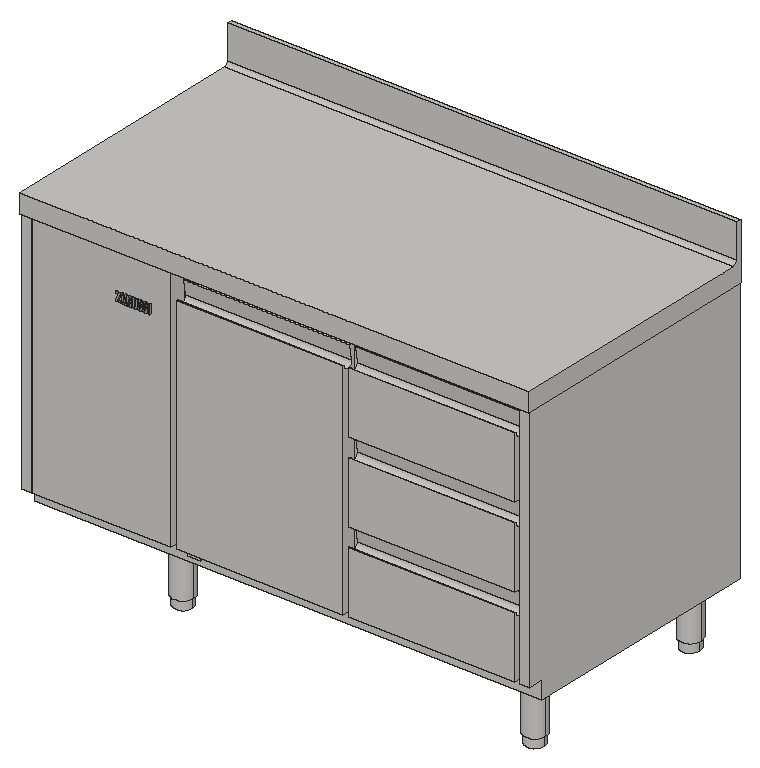
Revit family "QF_ZANUSSI_111028_ZH2H3AC", category Specialty Equipment, Revit 2018 (continued)
Definition of nested family "ZAN_Cooling Unit"
  Lines and regions (mm)
    Split face 121
      outline origin (55.016, 2, -197.115) x (0, 0, 1) y (-1, 0, 0)
        loop
          arc (502.647, 116.535) -> (506.648, 112.533) -> (510.649, 116.535) r 4.001
          line (510.649, 116.535) -> (510.649, 158.547)
    Split face 122
      outline origin (55.016, 2, -209.119) x (0, 0, 1) y (-1, 0, 0)
        loop
          arc (510.649, 158.547) -> (506.648, 162.548) -> (502.647, 158.547) r 4.001
          line (502.647, 158.547) -> (502.647, 116.535)
          arc (502.647, 116.535) -> (506.648, 112.533) -> (510.649, 116.535) r 4.001
          line (510.649, 116.535) -> (510.649, 158.547)
    Split face 123
      outline origin (55.016, 2, -221.122) x (0, 0, 1) y (-1, 0, 0)
        loop
          arc (510.649, 158.547) -> (506.648, 162.548) -> (502.647, 158.547) r 4.001
          line (502.647, 158.547) -> (502.647, 116.535)
          arc (502.647, 116.535) -> (506.648, 112.533) -> (510.649, 116.535) r 4.001
          line (510.649, 116.535) -> (510.649, 158.547)
    Split face 124
      outline origin (55.016, 2, -233.126) x (0, 0, 1) y (-1, 0, 0)
        loop
          arc (510.649, 158.547) -> (506.648, 162.548) -> (502.647, 158.547) r 4.001
          line (502.647, 158.547) -> (502.647, 116.535)
          arc (502.647, 116.535) -> (506.648, 112.533) -> (510.649, 116.535) r 4.001
          line (510.649, 116.535) -> (510.649, 158.547)
    Split face 125
      outline origin (55.016, 2, -245.129) x (0, 0, 1) y (-1, 0, 0)
        loop
          arc (510.649, 158.547) -> (506.648, 162.548) -> (502.647, 158.547) r 4.001
          line (502.647, 158.547) -> (502.647, 116.535)
          arc (502.647, 116.535) -> (506.648, 112.533) -> (510.649, 116.535) r 4.001
          line (510.649, 116.535) -> (510.649, 158.547)
    Split face 126
      outline origin (55.016, 2, -257.133) x (0, 0, 1) y (-1, 0, 0)
        loop
          arc (510.649, 158.547) -> (506.648, 162.548) -> (502.647, 158.547) r 4.001
          line (502.647, 158.547) -> (502.647, 116.535)
          arc (502.647, 116.535) -> (506.648, 112.533) -> (510.649, 116.535) r 4.001
          line (510.649, 116.535) -> (510.649, 158.547)
    Split face 127
      outline origin (55.016, 2, -269.136) x (0, 0, 1) y (-1, 0, 0)
        loop
          arc (510.649, 158.547) -> (506.648, 162.548) -> (502.647, 158.547) r 4.001
          line (502.647, 158.547) -> (502.647, 116.535)
          arc (502.647, 116.535) -> (506.648, 112.533) -> (510.649, 116.535) r 4.001
          line (510.649, 116.535) -> (510.649, 158.547)
    Split face 128
      outline origin (55.016, 2, -281.14) x (0, 0, 1) y (-1, 0, 0)
        loop
          arc (510.649, 158.547) -> (506.648, 162.548) -> (502.647, 158.547) r 4.001
          line (502.647, 158.547) -> (502.647, 116.535)
          arc (502.647, 116.535) -> (506.648, 112.533) -> (510.649, 116.535) r 4.001
          line (510.649, 116.535) -> (510.649, 158.547)
    Split face 129
      outline origin (55.016, 2, -293.144) x (0, 0, 1) y (-1, 0, 0)
        loop
          arc (510.649, 158.547) -> (506.648, 162.548) -> (502.647, 158.547) r 4.001
          line (502.647, 158.547) -> (502.647, 116.535)
          arc (502.647, 116.535) -> (506.648, 112.533) -> (510.649, 116.535) r 4.001
          line (510.649, 116.535) -> (510.649, 158.547)
    Split face 130
      outline origin (110.032, 2, -113.091) x (0, 0, 1) y (-1, 0, 0)
        loop
          arc (510.649, 158.547) -> (506.648, 162.548) -> (502.647, 158.547) r 4.001
          line (502.647, 158.547) -> (502.647, 116.535)
          arc (502.647, 116.535) -> (506.648, 112.533) -> (510.649, 116.535) r 4.001
          line (510.649, 116.535) -> (510.649, 158.547)
    Split face 131
      outline origin (110.032, 2, -125.094) x (0, 0, 1) y (-1, 0, 0)
        loop
          arc (510.649, 158.547) -> (506.648, 162.548) -> (502.647, 158.547) r 4.001
          line (502.647, 158.547) -> (502.647, 116.535)
          arc (502.647, 116.535) -> (506.648, 112.533) -> (510.649, 116.535) r 4.001
          line (510.649, 116.535) -> (510.649, 158.547)
    Split face 132
      outline origin (110.032, 2, -137.098) x (0, 0, 1) y (-1, 0, 0)
        loop
          arc (510.649, 158.547) -> (506.648, 162.548) -> (502.647, 158.547) r 4.001
          line (502.647, 158.547) -> (502.647, 116.535)
          arc (502.647, 116.535) -> (506.648, 112.533) -> (510.649, 116.535) r 4.001
          line (510.649, 116.535) -> (510.649, 158.547)
    Split face 133
      outline origin (110.032, 2, -149.101) x (0, 0, 1) y (-1, 0, 0)
        loop
          arc (510.649, 158.547) -> (506.648, 162.548) -> (502.647, 158.547) r 4.001
          line (502.647, 158.547) -> (502.647, 116.535)
          arc (502.647, 116.535) -> (506.648, 112.533) -> (510.649, 116.535) r 4.001
          line (510.649, 116.535) -> (510.649, 158.547)
    Split face 134
      outline origin (110.032, 2, -161.105) x (0, 0, 1) y (-1, 0, 0)
        loop
          arc (510.649, 158.547) -> (506.648, 162.548) -> (502.647, 158.547) r 4.001
          line (502.647, 158.547) -> (502.647, 116.535)
          arc (502.647, 116.535) -> (506.648, 112.533) -> (510.649, 116.535) r 4.001
          line (510.649, 116.535) -> (510.649, 158.547)
    Split face 135
      outline origin (110.032, 2, -173.108) x (0, 0, 1) y (-1, 0, 0)
        loop
          arc (510.649, 158.547) -> (506.648, 162.548) -> (502.647, 158.547) r 4.001
          line (502.647, 158.547) -> (502.647, 116.535)
          arc (502.647, 116.535) -> (506.648, 112.533) -> (510.649, 116.535) r 4.001
          line (510.649, 116.535) -> (510.649, 158.547)
    Split face 136
      outline origin (110.032, 2, -185.112) x (0, 0, 1) y (-1, 0, 0)
        loop
          arc (510.649, 158.547) -> (506.648, 162.548) -> (502.647, 158.547) r 4.001
          line (502.647, 158.547) -> (502.647, 116.535)
          arc (502.647, 116.535) -> (506.648, 112.533) -> (510.649, 116.535) r 4.001
          line (510.649, 116.535) -> (510.649, 158.547)
    Split face 137
      outline origin (110.032, 2, -197.115) x (0, 0, 1) y (-1, 0, 0)
        loop
          arc (510.649, 158.547) -> (506.648, 162.548) -> (502.647, 158.547) r 4.001
          line (502.647, 158.547) -> (502.647, 116.535)
          arc (502.647, 116.535) -> (506.648, 112.533) -> (510.649, 116.535) r 4.001
          line (510.649, 116.535) -> (510.649, 158.547)
    Split face 138
      outline origin (110.032, 2, -209.119) x (0, 0, 1) y (-1, 0, 0)
        loop
          arc (510.649, 158.547) -> (506.648, 162.548) -> (502.647, 158.547) r 4.001
          line (502.647, 158.547) -> (502.647, 116.535)
          arc (502.647, 116.535) -> (506.648, 112.533) -> (510.649, 116.535) r 4.001
          line (510.649, 116.535) -> (510.649, 158.547)
    Split face 139
      outline origin (110.032, 2, -221.122) x (0, 0, 1) y (-1, 0, 0)
        loop
          arc (510.649, 158.547) -> (506.648, 162.548) -> (502.647, 158.547) r 4.001
          line (502.647, 158.547) -> (502.647, 116.535)
          arc (502.647, 116.535) -> (506.648, 112.533) -> (510.649, 116.535) r 4.001
          line (510.649, 116.535) -> (510.649, 158.547)
    Split face 140
      outline origin (110.032, 2, -233.126) x (0, 0, 1) y (-1, 0, 0)
        loop
          arc (510.649, 158.547) -> (506.648, 162.548) -> (502.647, 158.547) r 4.001
          line (502.647, 158.547) -> (502.647, 116.535)
          arc (502.647, 116.535) -> (506.648, 112.533) -> (510.649, 116.535) r 4.001
          line (510.649, 116.535) -> (510.649, 158.547)
    Split face 141
      outline origin (110.032, 2, -245.129) x (0, 0, 1) y (-1, 0, 0)
        loop
          arc (510.649, 158.547) -> (506.648, 162.548) -> (502.647, 158.547) r 4.001
          line (502.647, 158.547) -> (502.647, 116.535)
          arc (502.647, 116.535) -> (506.648, 112.533) -> (510.649, 116.535) r 4.001
          line (510.649, 116.535) -> (510.649, 158.547)
    Split face 142
      outline origin (110.032, 2, -257.133) x (0, 0, 1) y (-1, 0, 0)
        loop
          arc (510.649, 158.547) -> (506.648, 162.548) -> (502.647, 158.547) r 4.001
          line (502.647, 158.547) -> (502.647, 116.535)
          arc (502.647, 116.535) -> (506.648, 112.533) -> (510.649, 116.535) r 4.001
          line (510.649, 116.535) -> (510.649, 158.547)
    Split face 143
      outline origin (110.032, 2, -269.136) x (0, 0, 1) y (-1, 0, 0)
        loop
          arc (510.649, 158.547) -> (506.648, 162.548) -> (502.647, 158.547) r 4.001
          line (502.647, 158.547) -> (502.647, 116.535)
          arc (502.647, 116.535) -> (506.648, 112.533) -> (510.649, 116.535) r 4.001
          line (510.649, 116.535) -> (510.649, 158.547)
    Split face 144
      outline origin (110.032, 2, -281.14) x (0, 0, 1) y (-1, 0, 0)
        loop
          arc (510.649, 158.547) -> (506.648, 162.548) -> (502.647, 158.547) r 4.001
          line (502.647, 158.547) -> (502.647, 116.535)
          arc (502.647, 116.535) -> (506.648, 112.533) -> (510.649, 116.535) r 4.001
          line (510.649, 116.535) -> (510.649, 158.547)
    Split face 145
      outline origin (110.032, 2, -293.144) x (0, 0, 1) y (-1, 0, 0)
        loop
          arc (510.649, 158.547) -> (506.648, 162.548) -> (502.647, 158.547) r 4.001
          line (502.647, 158.547) -> (502.647, 116.535)
          arc (502.647, 116.535) -> (506.648, 112.533) -> (510.649, 116.535) r 4.001
          line (510.649, 116.535) -> (510.649, 158.547)
    Split face 146
      outline origin (165.048, 2, -113.091) x (0, 0, 1) y (-1, 0, 0)
        loop
          arc (510.649, 158.547) -> (506.648, 162.548) -> (502.647, 158.547) r 4.001
          line (502.647, 158.547) -> (502.647, 116.535)
          arc (502.647, 116.535) -> (506.648, 112.533) -> (510.649, 116.535) r 4.001
          line (510.649, 116.535) -> (510.649, 158.547)
    Split face 147
      outline origin (165.048, 2, -125.094) x (0, 0, 1) y (-1, 0, 0)
        loop
          arc (510.649, 158.547) -> (506.648, 162.548) -> (502.647, 158.547) r 4.001
          line (502.647, 158.547) -> (502.647, 116.535)
          arc (502.647, 116.535) -> (506.648, 112.533) -> (510.649, 116.535) r 4.001
          line (510.649, 116.535) -> (510.649, 158.547)
    Split face 148
      outline origin (165.048, 2, -137.098) x (0, 0, 1) y (-1, 0, 0)
        loop
          arc (510.649, 158.547) -> (506.648, 162.548) -> (502.647, 158.547) r 4.001
          line (502.647, 158.547) -> (502.647, 116.535)
          arc (502.647, 116.535) -> (506.648, 112.533) -> (510.649, 116.535) r 4.001
          line (510.649, 116.535) -> (510.649, 158.547)
    Split face 149
      outline origin (165.048, 2, -149.101) x (0, 0, 1) y (-1, 0, 0)
        loop
          arc (510.649, 158.547) -> (506.648, 162.548) -> (502.647, 158.547) r 4.001
          line (502.647, 158.547) -> (502.647, 116.535)
          arc (502.647, 116.535) -> (506.648, 112.533) -> (510.649, 116.535) r 4.001
          line (510.649, 116.535) -> (510.649, 158.547)
    Split face 150
      outline origin (165.048, 2, -161.105) x (0, 0, 1) y (-1, 0, 0)
        loop
          arc (510.649, 158.547) -> (506.648, 162.548) -> (502.647, 158.547) r 4.001
          line (502.647, 158.547) -> (502.647, 116.535)
          arc (502.647, 116.535) -> (506.648, 112.533) -> (510.649, 116.535) r 4.001
          line (510.649, 116.535) -> (510.649, 158.547)
    Split face 151
      outline origin (165.048, 2, -173.108) x (0, 0, 1) y (-1, 0, 0)
        loop
          arc (510.649, 158.547) -> (506.648, 162.548) -> (502.647, 158.547) r 4.001
          line (502.647, 158.547) -> (502.647, 116.535)
          arc (502.647, 116.535) -> (506.648, 112.533) -> (510.649, 116.535) r 4.001
          line (510.649, 116.535) -> (510.649, 158.547)
    Split face 152
      outline origin (165.048, 2, -185.112) x (0, 0, 1) y (-1, 0, 0)
        loop
          arc (510.649, 158.547) -> (506.648, 162.548) -> (502.647, 158.547) r 4.001
          line (502.647, 158.547) -> (502.647, 116.535)
          arc (502.647, 116.535) -> (506.648, 112.533) -> (510.649, 116.535) r 4.001
          line (510.649, 116.535) -> (510.649, 158.547)
    Split face 153
      outline origin (165.048, 2, -197.115) x (0, 0, 1) y (-1, 0, 0)
        loop
          arc (510.649, 158.547) -> (506.648, 162.548) -> (502.647, 158.547) r 4.001
          line (502.647, 158.547) -> (502.647, 116.535)
          arc (502.647, 116.535) -> (506.648, 112.533) -> (510.649, 116.535) r 4.001
          line (510.649, 116.535) -> (510.649, 158.547)
    Split face 154
      outline origin (165.048, 2, -209.119) x (0, 0, 1) y (-1, 0, 0)
        loop
          arc (510.649, 158.547) -> (506.648, 162.548) -> (502.647, 158.547) r 4.001
          line (502.647, 158.547) -> (502.647, 116.535)
          arc (502.647, 116.535) -> (506.648, 112.533) -> (510.649, 116.535) r 4.001
          line (510.649, 116.535) -> (510.649, 158.547)
    Split face 155
      outline origin (165.048, 2, -221.122) x (0, 0, 1) y (-1, 0, 0)
        loop
          arc (510.649, 158.547) -> (506.648, 162.548) -> (502.647, 158.547) r 4.001
          line (502.647, 158.547) -> (502.647, 116.535)
          arc (502.647, 116.535) -> (506.648, 112.533) -> (510.649, 116.535) r 4.001
          line (510.649, 116.535) -> (510.649, 158.547)
    Split face 156
      outline origin (165.048, 2, -233.126) x (0, 0, 1) y (-1, 0, 0)
        loop
          arc (510.649, 158.547) -> (506.648, 162.548) -> (502.647, 158.547) r 4.001
          line (502.647, 158.547) -> (502.647, 116.535)
          arc (502.647, 116.535) -> (506.648, 112.533) -> (510.649, 116.535) r 4.001
          line (510.649, 116.535) -> (510.649, 158.547)
    Split face 157
      outline origin (165.048, 2, -245.129) x (0, 0, 1) y (-1, 0, 0)
        loop
          arc (510.649, 158.547) -> (506.648, 162.548) -> (502.647, 158.547) r 4.001
          line (502.647, 158.547) -> (502.647, 116.535)
          arc (502.647, 116.535) -> (506.648, 112.533) -> (510.649, 116.535) r 4.001
          line (510.649, 116.535) -> (510.649, 158.547)
    Split face 158
      outline origin (165.048, 2, -257.133) x (0, 0, 1) y (-1, 0, 0)
        loop
          arc (510.649, 158.547) -> (506.648, 162.548) -> (502.647, 158.547) r 4.001
          line (502.647, 158.547) -> (502.647, 116.535)
          arc (502.647, 116.535) -> (506.648, 112.533) -> (510.649, 116.535) r 4.001
          line (510.649, 116.535) -> (510.649, 158.547)
    Split face 159
      outline origin (165.048, 2, -269.136) x (0, 0, 1) y (-1, 0, 0)
        loop
          arc (510.649, 158.547) -> (506.648, 162.548) -> (502.647, 158.547) r 4.001
          line (502.647, 158.547) -> (502.647, 116.535)
          arc (502.647, 116.535) -> (506.648, 112.533) -> (510.649, 116.535) r 4.001
          line (510.649, 116.535) -> (510.649, 158.547)
    Split face 160
      outline origin (165.048, 2, -281.14) x (0, 0, 1) y (-1, 0, 0)
        loop
          arc (510.649, 158.547) -> (506.648, 162.548) -> (502.647, 158.547) r 4.001
          line (502.647, 158.547) -> (502.647, 116.535)
          arc (502.647, 116.535) -> (506.648, 112.533) -> (510.649, 116.535) r 4.001
          line (510.649, 116.535) -> (510.649, 158.547)
    Split face 161
      outline origin (165.048, 2, -293.144) x (0, 0, 1) y (-1, 0, 0)
        loop
          arc (510.649, 158.547) -> (506.648, 162.548) -> (502.647, 158.547) r 4.001
          line (502.647, 158.547) -> (502.647, 116.535)
          arc (502.647, 116.535) -> (506.648, 112.533) -> (510.649, 116.535) r 4.001
          line (510.649, 116.535) -> (510.649, 158.547)
    Split face 162
      outline origin (220.064, 2, -113.091) x (0, 0, 1) y (-1, 0, 0)
        loop
          arc (510.649, 158.547) -> (506.648, 162.548) -> (502.647, 158.547) r 4.001
          line (502.647, 158.547) -> (502.647, 116.535)
          arc (502.647, 116.535) -> (506.648, 112.533) -> (510.649, 116.535) r 4.001
          line (510.649, 116.535) -> (510.649, 158.547)
    Split face 163
      outline origin (220.064, 2, -125.094) x (0, 0, 1) y (-1, 0, 0)
        loop
          arc (510.649, 158.547) -> (506.648, 162.548) -> (502.647, 158.547) r 4.001
          line (502.647, 158.547) -> (502.647, 116.535)
          arc (502.647, 116.535) -> (506.648, 112.533) -> (510.649, 116.535) r 4.001
          line (510.649, 116.535) -> (510.649, 158.547)
    Split face 164
      outline origin (220.064, 2, -137.098) x (0, 0, 1) y (-1, 0, 0)
        loop
          arc (510.649, 158.547) -> (506.648, 162.548) -> (502.647, 158.547) r 4.001
          line (502.647, 158.547) -> (502.647, 116.535)
          arc (502.647, 116.535) -> (506.648, 112.533) -> (510.649, 116.535) r 4.001
          line (510.649, 116.535) -> (510.649, 158.547)
    Split face 165
      outline origin (220.064, 2, -149.101) x (0, 0, 1) y (-1, 0, 0)
        loop
          arc (510.649, 158.547) -> (506.648, 162.548) -> (502.647, 158.547) r 4.001
          line (502.647, 158.547) -> (502.647, 116.535)
          arc (502.647, 116.535) -> (506.648, 112.533) -> (510.649, 116.535) r 4.001
          line (510.649, 116.535) -> (510.649, 158.547)
    Split face 166
      outline origin (220.064, 2, -161.105) x (0, 0, 1) y (-1, 0, 0)
        loop
          arc (510.649, 158.547) -> (506.648, 162.548) -> (502.647, 158.547) r 4.001
          line (502.647, 158.547) -> (502.647, 116.535)
          arc (502.647, 116.535) -> (506.648, 112.533) -> (510.649, 116.535) r 4.001
          line (510.649, 116.535) -> (510.649, 158.547)
    Split face 167
      outline origin (220.064, 2, -173.108) x (0, 0, 1) y (-1, 0, 0)
        loop
          arc (510.649, 158.547) -> (506.648, 162.548) -> (502.647, 158.547) r 4.001
          line (502.647, 158.547) -> (502.647, 116.535)
          arc (502.647, 116.535) -> (506.648, 112.533) -> (510.649, 116.535) r 4.001
          line (510.649, 116.535) -> (510.649, 158.547)
    Split face 168
      outline origin (220.064, 2, -185.112) x (0, 0, 1) y (-1, 0, 0)
        loop
          arc (510.649, 158.547) -> (506.648, 162.548) -> (502.647, 158.547) r 4.001
          line (502.647, 158.547) -> (502.647, 116.535)
          arc (502.647, 116.535) -> (506.648, 112.533) -> (510.649, 116.535) r 4.001
          line (510.649, 116.535) -> (510.649, 158.547)
    Split face 169
      outline origin (220.064, 2, -197.115) x (0, 0, 1) y (-1, 0, 0)
        loop
          arc (510.649, 158.547) -> (506.648, 162.548) -> (502.647, 158.547) r 4.001
          line (502.647, 158.547) -> (502.647, 116.535)
          arc (502.647, 116.535) -> (506.648, 112.533) -> (510.649, 116.535) r 4.001
          line (510.649, 116.535) -> (510.649, 158.547)
    Split face 170
      outline origin (220.064, 2, -209.119) x (0, 0, 1) y (-1, 0, 0)
        loop
          arc (510.649, 158.547) -> (506.648, 162.548) -> (502.647, 158.547) r 4.001
          line (502.647, 158.547) -> (502.647, 116.535)
          arc (502.647, 116.535) -> (506.648, 112.533) -> (510.649, 116.535) r 4.001
          line (510.649, 116.535) -> (510.649, 158.547)
    Split face 171
      outline origin (220.064, 2, -221.122) x (0, 0, 1) y (-1, 0, 0)
        loop
          arc (510.649, 158.547) -> (506.648, 162.548) -> (502.647, 158.547) r 4.001
          line (502.647, 158.547) -> (502.647, 116.535)
          arc (502.647, 116.535) -> (506.648, 112.533) -> (510.649, 116.535) r 4.001
          line (510.649, 116.535) -> (510.649, 158.547)
    Split face 172
      outline origin (220.064, 2, -233.126) x (0, 0, 1) y (-1, 0, 0)
        loop
          arc (510.649, 158.547) -> (506.648, 162.548) -> (502.647, 158.547) r 4.001
          line (502.647, 158.547) -> (502.647, 116.535)
          arc (502.647, 116.535) -> (506.648, 112.533) -> (510.649, 116.535) r 4.001
          line (510.649, 116.535) -> (510.649, 158.547)
    Split face 173
      outline origin (220.064, 2, -245.129) x (0, 0, 1) y (-1, 0, 0)
        loop
          arc (510.649, 158.547) -> (506.648, 162.548) -> (502.647, 158.547) r 4.001
          line (502.647, 158.547) -> (502.647, 116.535)
          arc (502.647, 116.535) -> (506.648, 112.533) -> (510.649, 116.535) r 4.001
          line (510.649, 116.535) -> (510.649, 158.547)
    Split face 174
      outline origin (220.064, 2, -257.133) x (0, 0, 1) y (-1, 0, 0)
        loop
          arc (510.649, 158.547) -> (506.648, 162.548) -> (502.647, 158.547) r 4.001
          line (502.647, 158.547) -> (502.647, 116.535)
          arc (502.647, 116.535) -> (506.648, 112.533) -> (510.649, 116.535) r 4.001
          line (510.649, 116.535) -> (510.649, 158.547)
    Split face 175
      outline origin (220.064, 2, -269.136) x (0, 0, 1) y (-1, 0, 0)
        loop
          arc (510.649, 158.547) -> (506.648, 162.548) -> (502.647, 158.547) r 4.001
          line (502.647, 158.547) -> (502.647, 116.535)
          arc (502.647, 116.535) -> (506.648, 112.533) -> (510.649, 116.535) r 4.001
          line (510.649, 116.535) -> (510.649, 158.547)
    Split face 176
      outline origin (220.064, 2, -281.14) x (0, 0, 1) y (-1, 0, 0)
        loop
          arc (510.649, 158.547) -> (506.648, 162.548) -> (502.647, 158.547) r 4.001
          line (502.647, 158.547) -> (502.647, 116.535)
          arc (502.647, 116.535) -> (506.648, 112.533) -> (510.649, 116.535) r 4.001
          line (510.649, 116.535) -> (510.649, 158.547)
    Split face 177
      outline origin (220.064, 2, -293.144) x (0, 0, 1) y (-1, 0, 0)
        loop
          arc (510.649, 158.547) -> (506.648, 162.548) -> (502.647, 158.547) r 4.001
          line (502.647, 158.547) -> (502.647, 116.535)
          arc (502.647, 116.535) -> (506.648, 112.533) -> (510.649, 116.535) r 4.001
          line (510.649, 116.535) -> (510.649, 158.547)
    Split face 178
      outline origin (275.081, 2, -113.091) x (0, 0, 1) y (-1, 0, 0)
        loop
          arc (510.649, 158.547) -> (506.648, 162.548) -> (502.647, 158.547) r 4.001
          line (502.647, 158.547) -> (502.647, 116.535)
          arc (502.647, 116.535) -> (506.648, 112.533) -> (510.649, 116.535) r 4.001
          line (510.649, 116.535) -> (510.649, 158.547)
    Split face 179
      outline origin (275.081, 2, -125.094) x (0, 0, 1) y (-1, 0, 0)
        loop
          arc (510.649, 158.547) -> (506.648, 162.548) -> (502.647, 158.547) r 4.001
          line (502.647, 158.547) -> (502.647, 116.535)
          arc (502.647, 116.535) -> (506.648, 112.533) -> (510.649, 116.535) r 4.001
          line (510.649, 116.535) -> (510.649, 158.547)
    Split face 180
      outline origin (275.081, 2, -137.098) x (0, 0, 1) y (-1, 0, 0)
        loop
          arc (510.649, 158.547) -> (506.648, 162.548) -> (502.647, 158.547) r 4.001
          line (502.647, 158.547) -> (502.647, 116.535)
          arc (502.647, 116.535) -> (506.648, 112.533) -> (510.649, 116.535) r 4.001
          line (510.649, 116.535) -> (510.649, 158.547)
    Split face 181
      outline origin (275.081, 2, -149.101) x (0, 0, 1) y (-1, 0, 0)
        loop
          arc (510.649, 158.547) -> (506.648, 162.548) -> (502.647, 158.547) r 4.001
          line (502.647, 158.547) -> (502.647, 116.535)
          arc (502.647, 116.535) -> (506.648, 112.533) -> (510.649, 116.535) r 4.001
          line (510.649, 116.535) -> (510.649, 158.547)
    Split face 182
      outline origin (275.081, 2, -161.105) x (0, 0, 1) y (-1, 0, 0)
        loop
          arc (510.649, 158.547) -> (506.648, 162.548) -> (502.647, 158.547) r 4.001
          line (502.647, 158.547) -> (502.647, 116.535)
          arc (502.647, 116.535) -> (506.648, 112.533) -> (510.649, 116.535) r 4.001
          line (510.649, 116.535) -> (510.649, 158.547)
    Split face 183
      outline origin (275.081, 2, -173.108) x (0, 0, 1) y (-1, 0, 0)
        loop
          arc (510.649, 158.547) -> (506.648, 162.548) -> (502.647, 158.547) r 4.001
          line (502.647, 158.547) -> (502.647, 116.535)
          arc (502.647, 116.535) -> (506.648, 112.533) -> (510.649, 116.535) r 4.001
          line (510.649, 116.535) -> (510.649, 158.547)
    Split face 184
      outline origin (275.081, 2, -185.112) x (0, 0, 1) y (-1, 0, 0)
        loop
          arc (510.649, 158.547) -> (506.648, 162.548) -> (502.647, 158.547) r 4.001
          line (502.647, 158.547) -> (502.647, 116.535)
          arc (502.647, 116.535) -> (506.648, 112.533) -> (510.649, 116.535) r 4.001
          line (510.649, 116.535) -> (510.649, 158.547)
    Split face 185
      outline origin (275.081, 2, -197.115) x (0, 0, 1) y (-1, 0, 0)
        loop
          arc (510.649, 158.547) -> (506.648, 162.548) -> (502.647, 158.547) r 4.001
          line (502.647, 158.547) -> (502.647, 116.535)
          arc (502.647, 116.535) -> (506.648, 112.533) -> (510.649, 116.535) r 4.001
          line (510.649, 116.535) -> (510.649, 158.547)
    Split face 186
      outline origin (275.081, 2, -209.119) x (0, 0, 1) y (-1, 0, 0)
        loop
          arc (510.649, 158.547) -> (506.648, 162.548) -> (502.647, 158.547) r 4.001
          line (502.647, 158.547) -> (502.647, 116.535)
          arc (502.647, 116.535) -> (506.648, 112.533) -> (510.649, 116.535) r 4.001
          line (510.649, 116.535) -> (510.649, 158.547)
    Split face 187
      outline origin (275.081, 2, -221.122) x (0, 0, 1) y (-1, 0, 0)
        loop
          arc (510.649, 158.547) -> (506.648, 162.548) -> (502.647, 158.547) r 4.001
          line (502.647, 158.547) -> (502.647, 116.535)
          arc (502.647, 116.535) -> (506.648, 112.533) -> (510.649, 116.535) r 4.001
          line (510.649, 116.535) -> (510.649, 158.547)
    Split face 188
      outline origin (275.081, 2, -233.126) x (0, 0, 1) y (-1, 0, 0)
        loop
          arc (510.649, 158.547) -> (506.648, 162.548) -> (502.647, 158.547) r 4.001
          line (502.647, 158.547) -> (502.647, 116.535)
          arc (502.647, 116.535) -> (506.648, 112.533) -> (510.649, 116.535) r 4.001
          line (510.649, 116.535) -> (510.649, 158.547)
    Split face 189
      outline origin (275.081, 2, -245.129) x (0, 0, 1) y (-1, 0, 0)
        loop
          arc (510.649, 158.547) -> (506.648, 162.548) -> (502.647, 158.547) r 4.001
          line (502.647, 158.547) -> (502.647, 116.535)
          arc (502.647, 116.535) -> (506.648, 112.533) -> (510.649, 116.535) r 4.001
          line (510.649, 116.535) -> (510.649, 158.547)
    Split face 190
      outline origin (275.081, 2, -257.133) x (0, 0, 1) y (-1, 0, 0)
        loop
          arc (510.649, 158.547) -> (506.648, 162.548) -> (502.647, 158.547) r 4.001
          line (502.647, 158.547) -> (502.647, 116.535)
          arc (502.647, 116.535) -> (506.648, 112.533) -> (510.649, 116.535) r 4.001
          line (510.649, 116.535) -> (510.649, 158.547)
    Split face 191
      outline origin (275.081, 2, -269.136) x (0, 0, 1) y (-1, 0, 0)
        loop
          arc (510.649, 158.547) -> (506.648, 162.548) -> (502.647, 158.547) r 4.001
          line (502.647, 158.547) -> (502.647, 116.535)
          arc (502.647, 116.535) -> (506.648, 112.533) -> (510.649, 116.535) r 4.001
          line (510.649, 116.535) -> (510.649, 158.547)
    Split face 192
      outline origin (275.081, 2, -281.14) x (0, 0, 1) y (-1, 0, 0)
        loop
          arc (510.649, 158.547) -> (506.648, 162.548) -> (502.647, 158.547) r 4.001
          line (502.647, 158.547) -> (502.647, 116.535)
          arc (502.647, 116.535) -> (506.648, 112.533) -> (510.649, 116.535) r 4.001
          line (510.649, 116.535) -> (510.649, 158.547)
    Split face 193
      outline origin (275.081, 2, -293.144) x (0, 0, 1) y (-1, 0, 0)
        loop
          arc (510.649, 158.547) -> (506.648, 162.548) -> (502.647, 158.547) r 4.001
          line (502.647, 158.547) -> (502.647, 116.535)
          arc (502.647, 116.535) -> (506.648, 112.533) -> (510.649, 116.535) r 4.001
          line (510.649, 116.535) -> (510.649, 158.547)
    Split face 194
      outline origin (0, 2, 197) x (0, 0, 1) y (-1, 0, 0)
        loop
          spline (566.835, 20.381) -> (564.628, 19.058) -> (561.987, 18.027) -> (558.955, 17.386) -> (555.581, 17.244) -> (551.912, 17.703) -> (547.993, 18.863) -> (543.871, 20.83) -> (539.591, 23.706) -> (535.202, 27.594) -> (530.748, 32.597) -> (526.28, 38.824) -> (521.835, 46.362)
        loop
          spline (521.835, 58.392) -> (525.386, 49.242) -> (529.197, 41.481) -> (533.2, 35.023) -> (537.329, 29.786) -> (541.516, 25.684) -> (545.695, 22.634) -> (549.798, 20.552) -> (553.759, 19.355) -> (557.511, 18.958) -> (560.984, 19.275) -> (564.115, 20.227) -> (566.835, 21.726)
    Split face 195
      outline origin (0, 2, 197) x (0, 0, 1) y (-1, 0, 0)
        loop
          line (555.835, 149.5) -> (532.835, 149.5) -> (532.835, 94.5) -> (555.835, 94.5) -> (555.835, 149.5)
  Dimensions and locks
    aligned and locked: level to plane 2
  Nested families
    nested 1: "ZAN_Logo_S_Grey" at (85, 2, 741.213) x (1, 0, 0) z (0, -1, 0), visible <- "Show Logo", type "ZAN_Logo_S_Grey"
  Definition of nested family "ZAN_Logo_S_Grey"
    Parameters
      Default Elevation = 0 mm
    Reference planes
      plane 1 "Centro (Fronte/Retro)": y = 0
      plane 2: z = 0
      plane 3 "Centro (Sinistra/Destra)": x = 0
    Forms (mm)
      Extrusion 1, solid
        sketch origin (0, 0, 0) x (1, 0, 0) y (0, 1, 0)
          loop
            line (-1219.2, 1219.2) -> (-1219.2, -1219.2) -> (1219.2, -1219.2) -> (1219.2, 1219.2) -> (-1219.2, 1219.2)
        from 0 to -304.8
      Extrusion 2, solid
        sketch origin (17.793, -46.218, 0) x (-1, 0, 0) y (0, -1, 0)
          loop
            spline (-4.176, -58.079) -> (-3.496, -58.328) -> (-2.793, -58.512) -> (-2.075, -58.63) -> (-1.348, -58.682) -> (-0.619, -58.669) -> (0.106, -58.588) -> (0.818, -58.44) -> (1.512, -58.225) -> (2.18, -57.941) -> (2.817, -57.589) -> (3.414, -57.167) -> (3.966, -56.676)
            spline (3.966, -56.676) -> (4.293, -56.162) -> (4.575, -55.61) -> (4.81, -55.026) -> (5, -54.419) -> (5.146, -53.797) -> (5.247, -53.166) -> (5.304, -52.536) -> (5.318, -51.913) -> (5.288, -51.306) -> (5.217, -50.723) -> (5.103, -50.17) -> (4.949, -49.657)
            line (4.949, -49.657) -> (2.702, -46.428) -> (0.316, -44.323)
            spline (0.316, -44.323) -> (0.065, -44.115) -> (-0.195, -43.909) -> (-0.46, -43.704) -> (-0.729, -43.496) -> (-0.997, -43.282) -> (-1.263, -43.059) -> (-1.523, -42.825) -> (-1.774, -42.576) -> (-2.013, -42.309) -> (-2.238, -42.022) -> (-2.445, -41.712) -> (-2.632, -41.375)
            spline (-2.632, -41.375) -> (-2.666, -41.159) -> (-2.697, -40.934) -> (-2.722, -40.701) -> (-2.736, -40.465) -> (-2.736, -40.227) -> (-2.72, -39.989) -> (-2.682, -39.754) -> (-2.621, -39.524) -> (-2.533, -39.302) -> (-2.414, -39.091) -> (-2.261, -38.892) -> (-2.07, -38.708)
            line (-2.07, -38.708) -> (-0.245, -38.567)
            spline (-0.245, -38.567) -> (0.096, -38.8) -> (0.354, -39.074) -> (0.54, -39.381) -> (0.664, -39.716) -> (0.738, -40.073) -> (0.772, -40.445) -> (0.777, -40.825) -> (0.763, -41.208) -> (0.742, -41.588) -> (0.723, -41.957) -> (0.718, -42.309) -> (0.737, -42.638)
            line (0.737, -42.638) -> (5.65, -42.638)
            spline (5.65, -42.638) -> (5.708, -42.042) -> (5.741, -41.448) -> (5.747, -40.857) -> (5.723, -40.273) -> (5.668, -39.696) -> (5.58, -39.129) -> (5.457, -38.574) -> (5.297, -38.032) -> (5.098, -37.506) -> (4.857, -36.997) -> (4.574, -36.508) -> (4.247, -36.041)
            spline (4.247, -36.041) -> (3.844, -35.675) -> (3.409, -35.35) -> (2.946, -35.065) -> (2.458, -34.819) -> (1.949, -34.612) -> (1.421, -34.444) -> (0.88, -34.314) -> (0.326, -34.221) -> (-0.234, -34.165) -> (-0.8, -34.146) -> (-1.366, -34.163) -> (-1.93, -34.216)
            spline (-1.93, -34.216) -> (-2.526, -34.309) -> (-3.116, -34.448) -> (-3.695, -34.633) -> (-4.259, -34.861) -> (-4.801, -35.131) -> (-5.316, -35.444) -> (-5.799, -35.798) -> (-6.245, -36.191) -> (-6.648, -36.624) -> (-7.002, -37.095) -> (-7.303, -37.603) -> (-7.545, -38.146)
            spline (-7.545, -38.146) -> (-7.694, -38.815) -> (-7.792, -39.487) -> (-7.839, -40.158) -> (-7.836, -40.824) -> (-7.785, -41.482) -> (-7.685, -42.129) -> (-7.539, -42.762) -> (-7.347, -43.377) -> (-7.111, -43.97) -> (-6.83, -44.538) -> (-6.506, -45.078) -> (-6.141, -45.586)
            line (-6.141, -45.586) -> (-0.526, -50.64) -> (0.176, -51.482)
            spline (0.176, -51.482) -> (0.248, -51.66) -> (0.323, -51.843) -> (0.397, -52.03) -> (0.467, -52.22) -> (0.529, -52.412) -> (0.579, -52.605) -> (0.615, -52.798) -> (0.633, -52.989) -> (0.63, -53.179) -> (0.601, -53.366) -> (0.545, -53.55) -> (0.456, -53.728)
            spline (0.456, -53.728) -> (0.375, -53.892) -> (0.273, -54.034) -> (0.154, -54.155) -> (0.02, -54.258) -> (-0.126, -54.343) -> (-0.28, -54.412) -> (-0.441, -54.466) -> (-0.604, -54.508) -> (-0.767, -54.537) -> (-0.928, -54.556) -> (-1.082, -54.567) -> (-1.228, -54.57)
            line (-1.228, -54.57) -> (-2.632, -53.587) -> (-2.772, -50.64) -> (-7.405, -50.64)
            spline (-7.405, -50.64) -> (-7.41, -51.031) -> (-7.423, -51.432) -> (-7.44, -51.839) -> (-7.456, -52.251) -> (-7.469, -52.665) -> (-7.475, -53.079) -> (-7.468, -53.489) -> (-7.446, -53.894) -> (-7.404, -54.291) -> (-7.339, -54.679) -> (-7.247, -55.053) -> (-7.123, -55.412)
            spline (-7.123, -55.412) -> (-6.999, -55.693) -> (-6.837, -55.97) -> (-6.643, -56.244) -> (-6.422, -56.509) -> (-6.177, -56.765) -> (-5.913, -57.009) -> (-5.634, -57.238) -> (-5.346, -57.45) -> (-5.051, -57.643) -> (-4.755, -57.814) -> (-4.462, -57.96) -> (-4.176, -58.079)
          loop
            spline (-21.021, -55.552) -> (-20.633, -56.181) -> (-20.177, -56.736) -> (-19.661, -57.217) -> (-19.092, -57.627) -> (-18.478, -57.966) -> (-17.827, -58.237) -> (-17.147, -58.441) -> (-16.446, -58.578) -> (-15.73, -58.652) -> (-15.009, -58.662) -> (-14.29, -58.611) -> (-13.581, -58.5)
            spline (-13.581, -58.5) -> (-13.088, -58.407) -> (-12.595, -58.269) -> (-12.109, -58.088) -> (-11.636, -57.866) -> (-11.183, -57.605) -> (-10.756, -57.307) -> (-10.361, -56.974) -> (-10.004, -56.608) -> (-9.692, -56.211) -> (-9.431, -55.784) -> (-9.228, -55.33) -> (-9.089, -54.851)
            spline (-9.089, -54.851) -> (-8.873, -54.211) -> (-8.715, -53.559) -> (-8.615, -52.901) -> (-8.574, -52.241) -> (-8.592, -51.585) -> (-8.668, -50.938) -> (-8.802, -50.306) -> (-8.995, -49.693) -> (-9.247, -49.106) -> (-9.557, -48.55) -> (-9.925, -48.03) -> (-10.352, -47.551)
            line (-10.352, -47.551) -> (-15.546, -42.919) -> (-16.669, -41.234)
            spline (-16.669, -41.234) -> (-16.704, -41.021) -> (-16.735, -40.804) -> (-16.761, -40.583) -> (-16.778, -40.361) -> (-16.784, -40.139) -> (-16.774, -39.919) -> (-16.748, -39.701) -> (-16.7, -39.488) -> (-16.63, -39.28) -> (-16.533, -39.08) -> (-16.406, -38.889) -> (-16.248, -38.708)
            line (-16.248, -38.708) -> (-14.844, -38.427)
            spline (-14.844, -38.427) -> (-14.347, -38.545) -> (-13.969, -38.749) -> (-13.695, -39.028) -> (-13.508, -39.368) -> (-13.393, -39.757) -> (-13.335, -40.182) -> (-13.318, -40.63) -> (-13.326, -41.089) -> (-13.344, -41.546) -> (-13.356, -41.988) -> (-13.347, -42.403) -> (-13.3, -42.779)
            line (-13.3, -42.779) -> (-8.387, -42.638)
            spline (-8.387, -42.638) -> (-8.326, -42.034) -> (-8.288, -41.417) -> (-8.277, -40.794) -> (-8.299, -40.169) -> (-8.357, -39.548) -> (-8.457, -38.936) -> (-8.604, -38.339) -> (-8.803, -37.762) -> (-9.058, -37.21) -> (-9.375, -36.689) -> (-9.758, -36.204) -> (-10.212, -35.76)
            spline (-10.212, -35.76) -> (-10.793, -35.336) -> (-11.409, -34.976) -> (-12.054, -34.679) -> (-12.723, -34.445) -> (-13.409, -34.273) -> (-14.107, -34.163) -> (-14.811, -34.115) -> (-15.515, -34.127) -> (-16.213, -34.2) -> (-16.899, -34.333) -> (-17.568, -34.526) -> (-18.213, -34.777)
            spline (-18.213, -34.777) -> (-18.496, -34.897) -> (-18.783, -35.044) -> (-19.071, -35.216) -> (-19.357, -35.412) -> (-19.639, -35.629) -> (-19.915, -35.865) -> (-20.182, -36.119) -> (-20.438, -36.389) -> (-20.681, -36.672) -> (-20.907, -36.967) -> (-21.115, -37.272) -> (-21.301, -37.585)
            spline (-21.301, -37.585) -> (-21.55, -38.26) -> (-21.734, -38.948) -> (-21.854, -39.647) -> (-21.91, -40.351) -> (-21.901, -41.057) -> (-21.828, -41.761) -> (-21.69, -42.459) -> (-21.489, -43.148) -> (-21.222, -43.823) -> (-20.892, -44.48) -> (-20.497, -45.116) -> (-20.038, -45.726)
            line (-20.038, -45.726) -> (-14.142, -51.061) -> (-13.44, -52.886) -> (-14.002, -54.289) -> (-15.265, -54.57) -> (-16.669, -53.587) -> (-16.81, -50.78) -> (-21.582, -50.64)
            spline (-21.582, -50.64) -> (-21.558, -51.063) -> (-21.55, -51.491) -> (-21.554, -51.92) -> (-21.561, -52.35) -> (-21.567, -52.778) -> (-21.565, -53.201) -> (-21.547, -53.619) -> (-21.509, -54.029) -> (-21.444, -54.43) -> (-21.345, -54.818) -> (-21.206, -55.193) -> (-21.021, -55.552)
          loop
            line (-22.424, -34.216) -> (-27.337, -34.216) -> (-27.337, -58.22) -> (-22.424, -58.22) -> (-22.424, -34.216)
          loop
            line (14.213, -39.971) -> (14.213, -58.22) -> (19.126, -58.22) -> (19.126, -42.077) -> (18.845, -38.146) -> (18.424, -37.164) -> (17.442, -35.9) -> (16.459, -35.199) -> (14.494, -34.356) -> (13.511, -34.216) -> (11.265, -34.216) -> (10.142, -34.497) -> (8.458, -35.479) -> (6.493, -38.287) -> (6.352, -39.269) -> (6.352, -58.22) -> (11.265, -58.22) -> (11.265, -40.392) -> (11.827, -39.129) -> (13.371, -38.988) -> (14.213, -39.971)
          loop
            line (20.249, -58.22) -> (24.741, -58.22) -> (24.741, -42.919) -> (28.812, -58.22) -> (34.006, -58.22) -> (34.006, -34.216) -> (29.654, -34.216) -> (29.654, -50.078) -> (25.583, -34.216) -> (20.249, -34.216) -> (20.249, -58.22)
          loop
            line (50.149, -58.22) -> (62.361, -58.22) -> (62.361, -53.728) -> (55.904, -53.868) -> (62.923, -39.129) -> (62.923, -34.216) -> (50.149, -34.216) -> (50.149, -39.129) -> (57.517, -39.129) -> (50.149, -54.149) -> (50.149, -58.22)
          loop
            line (38.778, -58.22) -> (45.516, -58.22) -> (49.868, -34.216) -> (44.814, -34.216) -> (44.113, -38.848) -> (40.042, -38.848) -> (39.34, -34.216) -> (34.286, -34.216) -> (38.778, -58.22)
          loop
            line (43.551, -43.2) -> (40.744, -43.2) -> (42.147, -54.117) -> (43.551, -43.2)
        from 0 to 1.644
    Dimensions and locks
      aligned and locked: plane 2 to Extrusion 1
      aligned and locked: level to Extrusion 1
Definition of nested family "Refrigerator"
  Reference planes
    plane 1 "Center (Front/Back)": y = 0
    plane 2: z = 0
    plane 3 "Center (Left/Right)": x = 0
  Lines and regions (mm)
    detail lines, in view "Ref. Level"
      curve 1: spline (-500, 190, 0) -> (-493.185, 166.706, 0) -> (-473.205, 145, 0) -> (-441.421, 126.36, 0) -> (-400, 112.058, 0) -> (-351.764, 103.067, 0) -> (-300, 100, 0) -> (-248.236, 103.067, 0) -> (-200, 112.058, 0) -> (-158.579, 126.36, 0) -> (-126.795, 145, 0) -> (-106.815, 166.706, 0) -> (-100, 190, 0) -> (-106.815, 213.294, 0) -> (-126.795, 235, 0) -> (-158.579, 253.64, 0) -> (-200, 267.942, 0) -> (-248.236, 276.933, 0) -> (-300, 280, 0) -> (-351.764, 276.933, 0) -> (-400, 267.942, 0) -> (-441.421, 253.64, 0) -> (-473.205, 235, 0) -> (-493.185, 213.294, 0) -> (-500, 190, 0)
      curve 2: line (-300, 130, 0) -> (-300, 250, 0)
      curve 3: line (-351.962, 220, 0) -> (-248.038, 160, 0)
      curve 4: line (-351.962, 160, 0) -> (-248.038, 220, 0)
      curve 5: line (-280.884, 246.873, 0) -> (-300, 225, 0)
      curve 6: line (-300, 225, 0) -> (-319.116, 246.873, 0)
      curve 7: line (-330.311, 207.5, 0) -> (-339.696, 234.992, 0)
      curve 8: line (-358.812, 201.882, 0) -> (-330.311, 207.5, 0)
      curve 9: line (-330.311, 172.5, 0) -> (-358.812, 178.118, 0)
      curve 10: line (-339.696, 145.008, 0) -> (-330.311, 172.5, 0)
      curve 11: line (-300, 155, 0) -> (-319.116, 133.127, 0)
      curve 12: line (-280.884, 133.127, 0) -> (-300, 155, 0)
      curve 13: line (-269.689, 172.5, 0) -> (-260.304, 145.008, 0)
      curve 14: line (-241.188, 178.118, 0) -> (-269.689, 172.5, 0)
      curve 15: line (-269.689, 207.5, 0) -> (-241.188, 201.882, 0)
      curve 16: line (-260.304, 234.992, 0) -> (-269.689, 207.5, 0)
